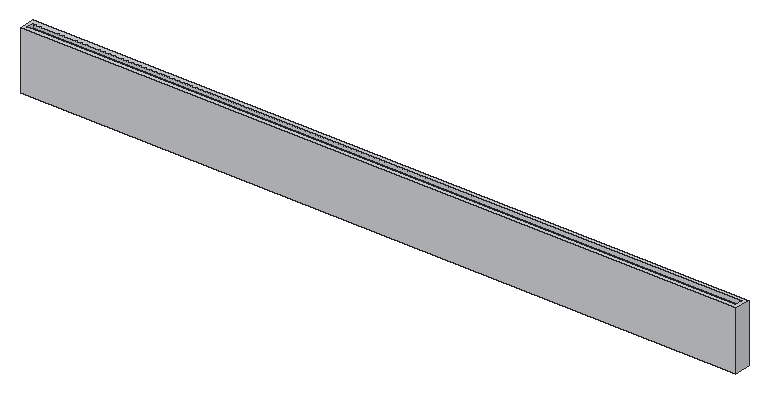
Revit family "J2 PET Felt Box Baffle", category Specialty Equipment, Revit 2021
Family settings
  Round Connector Dimension = Use Diameter
  Part Type = Normal
  Work Plane-Based = No
  Always vertical = Yes
  Cut with Voids When Loaded = No
  Shared = No
  Room Calculation Point = No
Parameters (values of type "Box Baffle 8ft")
  URL = "https://www.j2systems.net/"
  Symbol Name = "CSBB08"
  Style Number = "CSBB08"
  Release Date = "2021"
  Product Line = "Ceiling System"
  Model = "Box Baffle 8ft"
  Manufacturer = "J2 Systems"  # constant formula
  Felt Color - Accent = none
  Baffle Width (Max. 4") = 0' - 2"
  Baffle Length (Max. 7'-11") = 7' - 11"
  Felt Color - Primary = none
  Default Elevation = 0' - 0"
  Baffle Height (Max. 3'-11") = 0' - 7 3/4"
Types (3): name | Symbol Name | Style Number | Model | Baffle Length (Max. 7'-11")
  Box Baffle 8ft | "CSBB08" | "CSBB08" | "Box Baffle 8ft" | 7' - 11"
  Box Baffle 6ft | "CSBB06" | "CSBB06" | "Box Baffle 6ft" | 5' - 11"
  Box Baffle 4ft | "CSBB04" | "CSBB04" | "Box Baffle 6ft" | 3' - 11"
Reference planes (in)
  plane 1 "Center (Front/Back)": y = 0
  plane 2: z = 0
  plane 3 "Center (Left/Right)": x = 0
  plane 4: y = 1
  plane 5: y = -1
  plane 6: x = -47.5
  plane 7: x = 47.5
  plane 8: z = 7.75
Forms (in)
  Extrusion 1, solid, material <- "Felt Color - Primary"
    sketch origin (2.375, 0, 0) x (1, 0, 0) y (0, 1, 0)
      loop
        line (-49.875, 1) -> (-49.875, -1) -> (45.125, -1) -> (45.125, 1) -> (-49.875, 1)
      loop
        line (-49.375, -0.5) -> (44.625, -0.5) -> (44.625, 0.5) -> (-49.375, 0.5) -> (-49.375, -0.5)
    from 7.75 to 0
  Extrusion 2, solid, material <- "Felt Color - Accent"
    sketch origin (0, 0, 0) x (1, 0, 0) y (0, 1, 0)
      loop
        line (-47, 0.5) -> (-47, -0.5) -> (47, -0.5) -> (47, 0.5) -> (-47, 0.5)
    from 0.5 to 1
  Extrusion 3, solid, material <- "Felt Color - Accent"
    sketch origin (0, 0, 6.25) x (1, 0, 0) y (0, 1, 0)
      loop
        line (-47, 0.5) -> (-47, -0.5) -> (47, -0.5) -> (47, 0.5) -> (-47, 0.5)
    from 0.5 to 1
Dimensions and locks (in)
  equal spacing: plane 6, plane 3 "Center (Left/Right)", plane 7
  "Baffle Length (Max. 7'-11")": plane 6 to plane 7
  "Baffle Height (Max. 3'-11")": plane 8 to level
  locked: Extrusion 1 sketch curve to Extrusion 1 sketch curve at 0.5  (x4)
  equal spacing: plane 4, plane 1 "Center (Front/Back)", plane 5
  Extrusion 2 to Extrusion 2 to level = 0' - 0 1/2" locked, 0' - 0 1/2" locked
  plane 8 to Extrusion 3 to Extrusion 3 = 0' - 0 1/2" locked, 0' - 0 1/2" locked
  "Baffle Width (Max. 4")": plane 4 to plane 5
  aligned and locked: plane 2 to level
  aligned and locked: Extrusion 1 to plane 6
  aligned and locked: Extrusion 1 sketch curve to plane 7
  aligned and locked: plane 6 to Extrusion 1 sketch curve
  aligned and locked: plane 8 to Extrusion 1
  aligned and locked: Extrusion 1 to level
  aligned and locked: plane 4 to Extrusion 1
  aligned and locked: Extrusion 1 to plane 5
  aligned and locked: Extrusion 2 to Extrusion 1  (x4)
  aligned and locked: Extrusion 1 to Extrusion 3 sketch curve  (x2)
  aligned and locked: Extrusion 3 sketch curve to Extrusion 1  (x2)
Automatic sketch dimensions
  Extrusion 1 sketch curve to plane 5 = 0' - 0"
  Extrusion 1 sketch curve to plane 4 = 0' - 0"
  plane 6 to Extrusion 2 sketch curve = 0' - 0 1/2"
  Extrusion 2 sketch curve to plane 7 = 0' - 0 1/2"
  plane 1 "Center (Front/Back)" to Extrusion 2 sketch curve = 0' - 0 1/2"
  Extrusion 2 sketch curve to plane 1 "Center (Front/Back)" = 0' - 0 1/2"
